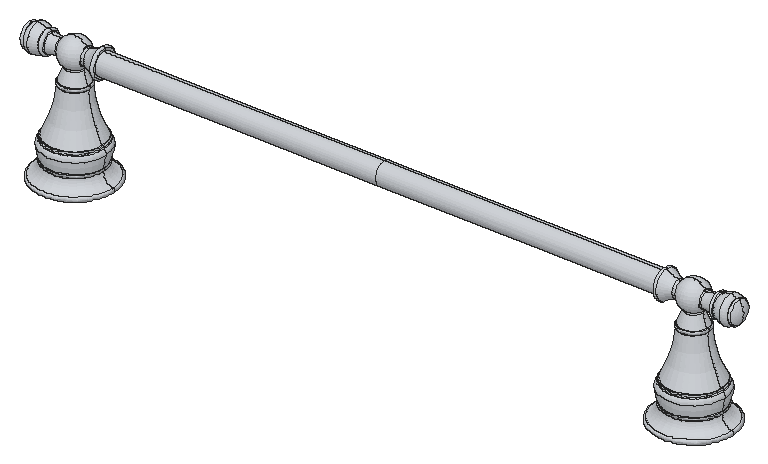
Revit family "Accessory-Towel_Bar-KOHLER-REVIVAL-K-16148T_1", category Specialty Equipment, host Face, Revit 2017
Family settings
  Host = Face
  Round Connector Dimension = Use Diameter
  Part Type = Normal
  OmniClass Number = 23.31.25.25
  Cut with Voids When Loaded = No
  Shared = No
  Room Calculation Point = No
Parameters (values of type "CP-Polished Chrome")
  Width = 17 61/64"  # constant formula
  WaterSense Certified = 1 = 0  # no
  URL = "http://www.kohler.com.cn/"
  Type = 1
  Product Page URL = "https://www.kohler.com.cn/product/K-16148T-CP/K-16148T-CP/"
  Product Name = "REVIVAL"  # constant formula
  Product Documentation Link = "https://files.kohler.com.cn/pdfs/inst_revival.pdf"
  Model = if(Type = 1, "K-16148T-CP", if(Type = 2, "K-16148-AF", "NA"))  # "K-16148T-CP"
  Material = "Premium Metal Construction"  # constant formula
  Master Format 2014 Name = "Toilet, Bath, and Laundry Accessories"  # constant formula
  Master Format 2014 = "10 28 00"  # constant formula
  Manufacturer Address = "Kohler Beijing Office (100016) 36-2-03-B, No. 88, Liuxiang Road, Beijing"  # constant formula
  Manufacturer = "KOHLER Co."  # constant formula
  Length = 3 179/256"  # constant formula
  Height = 2 73/256"  # constant formula
  Finish = Kohler-Metal-CP-Polished_Chrome
  Environmental Product Declaration = ""
  Description = "18 inch towel bar"  # constant formula
  Default Elevation = 42"
  Declare Label = ""
  Date Modified = "09/16/2020"  # constant formula
  Date Created = "09/16/2020"  # constant formula
  Copyright = "Copyright KOHLER Co."  # constant formula
  Contact Us = "http://www.kohler.com.cn/contact/contact-us/"
  Assembly Code = "C1030200"
  ADA Compliant = 1 = 0  # no
Types (3): name | Type | Product Page URL | Model | Finish
  (no name) | 1 | "https://www.kohler.com.cn/product/K-16148T-CP/K-16148T-CP/" | "K-16148T-CP" | Kohler-Metal-CP-Polished_Chrome
  CP-Polished Chrome | 1 | "https://www.kohler.com.cn/product/K-16148T-CP/K-16148T-CP/" | "K-16148T-CP" | Kohler-Metal-CP-Polished_Chrome
  AF-Vibrant French Gold | 2 | "https://www.kohler.com.cn/product/K-16148T-CP/K-16148T-AF/" | "K-16148-AF" | Kohler-Metal-AF-Vibrant_French_Gold
Reference planes (in)
  plane 1 "Center (Front/Back)": y = 0
  plane 2: z = 0
  plane 3 "Center (Left/Right)": x = 0
  plane 4: x = -10.41339
  plane 5: x = 10.41339
  plane 6: z = 3.69922
  plane 7: x = -10.11811
  plane 8: x = -7.83295
  plane 9: x = 10.11811
  plane 10: x = 7.83465
  plane 11: x = -8.97638
  plane 12: x = 8.97675
  plane 13: z = 3.27953
  plane 14: y = 1.14173
  plane 15: y = -1.14342
  plane 16: y = 0.31333
  plane 17: y = -0.31333
  plane 18: z = 0.11533
  plane 19: z = 3.59208
  plane 20: z = 2.96697
Dimensions and locks (in)
  "Width": plane 11 to plane 12
  "Length": level to plane 6
  "Height": plane 15 to plane 14
  level to plane 13 = 3.27953"
  plane 10 to plane 9 = 2.28346"
  plane 8 to plane 7 = 2 73/256"
  plane 4 to plane 5 = 20.82677"
  aligned and locked: plane 2 to host face
  aligned and locked: level to host face
Automatic sketch dimensions
  host sketch curve to host sketch curve = 96"  (x2)
Nested families (in)
  nested 1: "K-16148T" at (0, 0, 0), type "K-16148T"
Definition of nested family "K-16148T"
  Parameters (values of type "K-16148T")
    Material = none
  Reference planes (in)
    plane 1 "Center (Front/Back)": y = 0
    plane 2: z = 0
    plane 3 "Center (Left/Right)": x = 0
    plane 4: x = -8.97638
    plane 5: x = 8.97638
    plane 6: x = -10.41339
    plane 7: x = -10.11811
    plane 8: x = 10.41339
    plane 9: x = -7.83465
    plane 10: x = 10.11811
    plane 11: x = 7.83465
    plane 12: z = 3.70079
    plane 13: z = 3.27953
    plane 14: y = 1.14173
    plane 15: y = -1.14173
  Forms (in)
    Revolve 1, solid, material <- "Material", detail levels medium+fine
      sketch origin (0, 0, 0) x (1, 0, 0) y (0, 0, 1)
        loop
          line (-8.97638, 0) -> (-7.8949, 0)
          arc (-7.8949, 0) -> (-7.83546, 0.0504) -> (-7.87859, 0.11531) r 0.05863
          arc (-7.87859, 0.11531) -> (-8.07367, 0.24153) -> (-8.15603, 0.45879) r 0.37258
          arc (-8.15603, 0.45879) -> (-8.15242, 0.47376) -> (-8.14137, 0.48449) r 0.02768
          arc (-8.14137, 0.48449) -> (-8.12605, 0.50842) -> (-8.13858, 0.53391) r 0.02894
          arc (-8.13858, 0.53391) -> (-8.14784, 0.54628) -> (-8.14765, 0.56172) r 0.02402
          arc (-8.14765, 0.56172) -> (-8.10102, 0.72808) -> (-8.0768, 0.89915) r 1.30357
          arc (-8.0768, 0.89915) -> (-8.08982, 0.98163) -> (-8.13823, 1.04967) r 0.18243
          arc (-8.13823, 1.04967) -> (-8.14603, 1.06322) -> (-8.14396, 1.07871) r 0.0243
          arc (-8.14396, 1.07871) -> (-8.14279, 1.10122) -> (-8.1584, 1.1175) r 0.02839
          arc (-8.1584, 1.1175) -> (-8.17167, 1.1259) -> (-8.18146, 1.13818) r 0.04736
          arc (-8.18146, 1.13818) -> (-8.4462, 1.77227) -> (-8.5648, 2.4491) r 3.10102
          arc (-8.5648, 2.4491) -> (-8.56154, 2.46439) -> (-8.55083, 2.47577) r 0.02903
          arc (-8.55083, 2.47577) -> (-8.53729, 2.50699) -> (-8.56237, 2.52999) r 0.02933
          arc (-8.56237, 2.52999) -> (-8.57705, 2.53566) -> (-8.58734, 2.54757) r 0.03243
          arc (-8.58734, 2.54757) -> (-8.66344, 2.71963) -> (-8.72174, 2.8985) r 1.85672
          arc (-8.72174, 2.8985) -> (-8.72115, 2.93147) -> (-8.70301, 2.95901) r 0.0592
          arc (-8.70301, 2.95901) -> (-8.58111, 3.4252) -> (-8.97638, 3.70079) r 0.42126
          line (-8.97638, 3.70079) -> (-8.97638, 0)
        axis (-8.97638, 0) -> (-8.97638, 3.70079)
      angle from 0 to 360
    Revolve 2, solid, material <- "Material", detail levels medium+fine
      sketch origin (0, 0, 0) x (-1, 0, 0) y (0, 0, 1)
        loop
          line (-8.97638, 0) -> (-7.8949, 0)
          arc (-7.8949, 0) -> (-7.83546, 0.0504) -> (-7.87859, 0.11531) r 0.05863
          arc (-7.87859, 0.11531) -> (-8.07367, 0.24153) -> (-8.15603, 0.45879) r 0.37258
          arc (-8.15603, 0.45879) -> (-8.15242, 0.47376) -> (-8.14137, 0.48449) r 0.02768
          arc (-8.14137, 0.48449) -> (-8.12605, 0.50842) -> (-8.13858, 0.53391) r 0.02894
          arc (-8.13858, 0.53391) -> (-8.14784, 0.54628) -> (-8.14765, 0.56172) r 0.02402
          arc (-8.14765, 0.56172) -> (-8.10102, 0.72808) -> (-8.0768, 0.89915) r 1.30357
          arc (-8.0768, 0.89915) -> (-8.08982, 0.98163) -> (-8.13823, 1.04967) r 0.18243
          arc (-8.13823, 1.04967) -> (-8.14603, 1.06322) -> (-8.14396, 1.07871) r 0.0243
          arc (-8.14396, 1.07871) -> (-8.14279, 1.10122) -> (-8.1584, 1.1175) r 0.02839
          arc (-8.1584, 1.1175) -> (-8.17167, 1.1259) -> (-8.18146, 1.13818) r 0.04736
          arc (-8.18146, 1.13818) -> (-8.4462, 1.77227) -> (-8.5648, 2.4491) r 3.10102
          arc (-8.5648, 2.4491) -> (-8.56154, 2.46439) -> (-8.55083, 2.47577) r 0.02903
          arc (-8.55083, 2.47577) -> (-8.53729, 2.50699) -> (-8.56237, 2.52999) r 0.02933
          arc (-8.56237, 2.52999) -> (-8.57705, 2.53566) -> (-8.58734, 2.54757) r 0.03243
          arc (-8.58734, 2.54757) -> (-8.66344, 2.71963) -> (-8.72174, 2.8985) r 1.85672
          arc (-8.72174, 2.8985) -> (-8.72115, 2.93147) -> (-8.70301, 2.95901) r 0.0592
          arc (-8.70301, 2.95901) -> (-8.58111, 3.4252) -> (-8.97638, 3.70079) r 0.42126
          line (-8.97638, 3.70079) -> (-8.97638, 0)
        axis (-8.97638, 0) -> (-8.97638, 3.70079)
      angle from 0 to 360
    Revolve 3, void
      sketch origin (0, 0, 0) x (1, 0, 0) y (0, 0, 1)
        loop
          line (-8.78638, 3.519) -> (-8.78638, 3.46494) -> (-9.16384, 3.46494) -> (-9.16384, 3.519) -> (-9.28534, 3.519)
          arc (-9.28534, 3.519) -> (-9.30493, 3.52567) -> (-9.31638, 3.54291) r 0.0321
          line (-9.31638, 3.54291) -> (-9.31638, 3.62781) -> (-9.53545, 3.62781) -> (-9.53545, 3.27953) -> (-8.97638, 3.27953) -> (-8.41731, 3.27953) -> (-8.41731, 3.65818) -> (-8.63638, 3.65818) -> (-8.63638, 3.54291)
          arc (-8.63638, 3.54291) -> (-8.64782, 3.52567) -> (-8.66741, 3.519) r 0.0321
          line (-8.66741, 3.519) -> (-8.78638, 3.519)
        axis (-8.41731, 3.27953) -> (-9.53545, 3.27953)
      angle from 0 to 360
    Revolve 4, void
      sketch origin (0, 0, 0) x (-1, 0, 0) y (0, 0, 1)
        loop
          line (-8.78638, 3.519) -> (-8.78638, 3.46494) -> (-9.16384, 3.46494) -> (-9.16384, 3.519) -> (-9.28534, 3.519)
          arc (-9.28534, 3.519) -> (-9.30493, 3.52567) -> (-9.31638, 3.54291) r 0.0321
          line (-9.31638, 3.54291) -> (-9.31638, 3.62781) -> (-9.53545, 3.62781) -> (-9.53545, 3.27953) -> (-8.97638, 3.27953) -> (-8.41731, 3.27953) -> (-8.41731, 3.65818) -> (-8.63638, 3.65818) -> (-8.63638, 3.54291)
          arc (-8.63638, 3.54291) -> (-8.64782, 3.52567) -> (-8.66741, 3.519) r 0.0321
          line (-8.66741, 3.519) -> (-8.78638, 3.519)
        axis (-8.41731, 3.27953) -> (-9.53545, 3.27953)
      angle from 0 to 360
    Revolve 5, solid, material <- "Material", detail levels medium+fine
      sketch origin (0, 0, 0) x (1, 0, 0) y (0, 0, 1)
        loop
          arc (-10.29911, 3.60324) -> (-10.38398, 3.45117) -> (-10.41339, 3.27953) r 0.51562
          line (-10.41339, 3.27953) -> (10.41339, 3.27953)
          arc (10.41339, 3.27953) -> (10.3837, 3.45194) -> (10.29808, 3.60451) r 0.51562
          arc (10.29808, 3.60451) -> (10.26317, 3.6205) -> (10.22927, 3.60246) r 0.04331
          arc (10.22927, 3.60246) -> (10.21232, 3.59428) -> (10.19624, 3.60407) r 0.01969
          arc (10.19624, 3.60407) -> (10.13164, 3.66448) -> (10.04437, 3.67887) r 0.15252
          arc (10.04437, 3.67887) -> (9.915, 3.65031) -> (9.79247, 3.59989) r 0.76625
          arc (9.79247, 3.59989) -> (9.77681, 3.59746) -> (9.76285, 3.60496) r 0.02494
          arc (9.76285, 3.60496) -> (9.70681, 3.61685) -> (9.67613, 3.56848) r 0.05019
          arc (9.67613, 3.56848) -> (9.67165, 3.55342) -> (9.65886, 3.54429) r 0.02418
          arc (9.65886, 3.54429) -> (9.51385, 3.51234) -> (9.36583, 3.50163) r 1.02771
          line (9.36583, 3.50163) -> (9.18709, 3.50163)
          arc (9.18709, 3.50163) -> (9.16858, 3.48765) -> (9.16384, 3.46494) r 0.033
          line (9.16384, 3.46494) -> (8.78638, 3.46494)
          arc (8.78638, 3.46494) -> (8.76841, 3.49141) -> (8.73809, 3.50163) r 0.05012
          line (8.73809, 3.50163) -> (8.63405, 3.50163)
          arc (8.63405, 3.50163) -> (8.58464, 3.50519) -> (8.53626, 3.51579) r 0.34463
          arc (8.53626, 3.51579) -> (8.36151, 3.58617) -> (8.20325, 3.68835) r 0.99115
          arc (8.20325, 3.68835) -> (8.15309, 3.69807) -> (8.11615, 3.66277) r 0.05564
          arc (8.11615, 3.66277) -> (8.11986, 3.62645) -> (8.14995, 3.60575) r 0.0435
          arc (8.14995, 3.60575) -> (8.1735, 3.60028) -> (8.19624, 3.59208) r 0.20568
          line (8.19624, 3.59208) -> (0, 3.59208) -> (-8.19624, 3.59208)
          arc (-8.19624, 3.59208) -> (-8.1735, 3.60028) -> (-8.14995, 3.60575) r 0.20568
          arc (-8.14995, 3.60575) -> (-8.11986, 3.62645) -> (-8.11615, 3.66277) r 0.0435
          arc (-8.11615, 3.66277) -> (-8.15309, 3.69807) -> (-8.20325, 3.68835) r 0.05564
          arc (-8.20325, 3.68835) -> (-8.36151, 3.58617) -> (-8.53626, 3.51579) r 0.99115
          arc (-8.53626, 3.51579) -> (-8.58464, 3.50519) -> (-8.63405, 3.50163) r 0.34463
          line (-8.63405, 3.50163) -> (-8.73809, 3.50163)
          arc (-8.73809, 3.50163) -> (-8.76841, 3.49141) -> (-8.78638, 3.46494) r 0.05012
          line (-8.78638, 3.46494) -> (-9.16384, 3.46494)
          arc (-9.16384, 3.46494) -> (-9.16858, 3.48765) -> (-9.18709, 3.50163) r 0.033
          line (-9.18709, 3.50163) -> (-9.36583, 3.50163)
          arc (-9.36583, 3.50163) -> (-9.51393, 3.51235) -> (-9.65894, 3.54431) r 1.02771
          arc (-9.65894, 3.54431) -> (-9.67165, 3.55342) -> (-9.67613, 3.56848) r 0.02418
          arc (-9.67613, 3.56848) -> (-9.70681, 3.61685) -> (-9.76285, 3.60496) r 0.05019
          arc (-9.76285, 3.60496) -> (-9.77681, 3.59746) -> (-9.79247, 3.59989) r 0.02494
          arc (-9.79247, 3.59989) -> (-9.915, 3.65031) -> (-10.04437, 3.67887) r 0.76625
          arc (-10.04437, 3.67887) -> (-10.12973, 3.6654) -> (-10.19407, 3.6077) r 0.15252
          arc (-10.19407, 3.6077) -> (-10.21177, 3.59683) -> (-10.23103, 3.60462) r 0.02305
          arc (-10.23103, 3.60462) -> (-10.26539, 3.61978) -> (-10.29911, 3.60324) r 0.04447
        axis (-10.41339, 3.27953) -> (10.41339, 3.27953)
      angle from 0 to 360
    Revolve 6, solid, material <- "Material", detail levels coarse
      sketch origin (0, 0, 0) x (1, 0, 0) y (0, 0, 1)
        loop
          line (-8.97264, 0.00002) -> (-8.97264, 3.70079)
          arc (-8.97264, 3.70079) -> (-9.36791, 3.42521) -> (-9.24603, 2.95903) r 0.42126
          line (-9.24603, 2.95903) -> (-9.87503, 1.13567) -> (-9.87503, 0.11672) -> (-10.11653, 0.11672) -> (-10.11653, 0.00002) -> (-8.97264, 0.00002)
        axis (-8.97264, 0.00002) -> (-8.97264, 3.70079)
      angle from 0 to 360
    Revolve 7, solid, material <- "Material", detail levels coarse
      sketch origin (0, 0, 0) x (1, 0, 0) y (0, 0, 1)
        loop
          line (-10.41339, 3.27953) -> (10.41339, 3.27953) -> (10.41339, 3.59208) -> (0, 3.59208) -> (-10.41339, 3.59208) -> (-10.41339, 3.27953)
        axis (-10.41339, 3.27953) -> (10.41339, 3.27953)
      angle from 0 to 360
    Revolve 8, solid, material <- "Material", detail levels coarse
      sketch origin (0, 0, 0) x (-1, 0, 0) y (0, 0, 1)
        loop
          line (-8.97264, 0.00002) -> (-8.97264, 3.70079)
          arc (-8.97264, 3.70079) -> (-9.36791, 3.42521) -> (-9.24603, 2.95903) r 0.42126
          line (-9.24603, 2.95903) -> (-9.87503, 1.13567) -> (-9.87503, 0.11672) -> (-10.11653, 0.11672) -> (-10.11653, 0.00002) -> (-8.97264, 0.00002)
        axis (-8.97264, 0.00002) -> (-8.97264, 3.70079)
      angle from 0 to 360
  Cuts and joins
    Revolve 3, Revolve 4 cuts Revolve 1
    Revolve 4 cuts Revolve 2
    joined: Revolve 1, Revolve 2, Revolve 5
    joined: Revolve 6, Revolve 7, Revolve 8
  Lines and regions (in)
    Masking region 1
      outline origin (0, 0, 0) x (1, 0, 0) y (0, 0, 1)
        loop
          line (-8.97638, 0.00002) -> (-7.8949, 0.00002)
          arc (-7.8949, 0.00002) -> (-7.83546, 0.05042) -> (-7.87859, 0.11533) r 0.05863
          arc (-7.87859, 0.11533) -> (-8.07367, 0.24155) -> (-8.15603, 0.45881) r 0.37258
          arc (-8.15603, 0.45881) -> (-8.15242, 0.47378) -> (-8.14137, 0.48451) r 0.02768
          arc (-8.14137, 0.48451) -> (-8.12605, 0.50843) -> (-8.13858, 0.53393) r 0.02894
          arc (-8.13858, 0.53393) -> (-8.14784, 0.5463) -> (-8.14765, 0.56174) r 0.02402
          arc (-8.14765, 0.56174) -> (-8.10102, 0.7281) -> (-8.0768, 0.89916) r 1.30357
          arc (-8.0768, 0.89916) -> (-8.08982, 0.98165) -> (-8.13823, 1.04969) r 0.18243
          arc (-8.13823, 1.04969) -> (-8.14603, 1.06323) -> (-8.14396, 1.07872) r 0.0243
          arc (-8.14396, 1.07872) -> (-8.14279, 1.10124) -> (-8.1584, 1.11751) r 0.02839
          arc (-8.1584, 1.11751) -> (-8.17167, 1.12591) -> (-8.18146, 1.1382) r 0.04736
          arc (-8.18146, 1.1382) -> (-8.4462, 1.77229) -> (-8.5648, 2.44912) r 3.10102
          arc (-8.5648, 2.44912) -> (-8.56154, 2.4644) -> (-8.55083, 2.47579) r 0.02903
          arc (-8.55083, 2.47579) -> (-8.53729, 2.50701) -> (-8.56237, 2.53001) r 0.02933
          arc (-8.56237, 2.53001) -> (-8.57705, 2.53567) -> (-8.58734, 2.54759) r 0.03243
          arc (-8.58734, 2.54759) -> (-8.66344, 2.71964) -> (-8.72174, 2.89852) r 1.85672
          arc (-8.72174, 2.89852) -> (-8.72115, 2.93149) -> (-8.70301, 2.95903) r 0.0592
          arc (-8.70301, 2.95903) -> (-8.66992, 2.9905) -> (-8.64044, 3.02537) r 0.42126
          line (-8.64044, 3.02537) -> (-8.64044, 3.05737)
          arc (-8.64044, 3.05737) -> (-8.58781, 3.05431) -> (-8.53626, 3.04326) r 0.34463
          arc (-8.53626, 3.04326) -> (-8.36151, 2.97288) -> (-8.20325, 2.87071) r 0.99115
          arc (-8.20325, 2.87071) -> (-8.14382, 2.86464) -> (-8.11314, 2.9159) r 0.05564
          line (-8.11314, 2.9159) -> (-8.11314, 2.96697) -> (0, 2.96697) -> (8.11314, 2.96697) -> (8.11314, 2.9159)
          arc (8.11314, 2.9159) -> (8.14382, 2.86464) -> (8.20325, 2.87071) r 0.05564
          arc (8.20325, 2.87071) -> (8.36151, 2.97288) -> (8.53626, 3.04326) r 0.99115
          arc (8.53626, 3.04326) -> (8.58781, 3.05431) -> (8.64044, 3.05737) r 0.34463
          line (8.64044, 3.05737) -> (8.64044, 3.02537)
          arc (8.64044, 3.02537) -> (8.66992, 2.9905) -> (8.70301, 2.95903) r 0.42126
          arc (8.70301, 2.95903) -> (8.72115, 2.93149) -> (8.72174, 2.89852) r 0.0592
          arc (8.72174, 2.89852) -> (8.66344, 2.71964) -> (8.58734, 2.54759) r 1.85672
          arc (8.58734, 2.54759) -> (8.57705, 2.53567) -> (8.56237, 2.53001) r 0.03243
          arc (8.56237, 2.53001) -> (8.53729, 2.50701) -> (8.55083, 2.47579) r 0.02933
          arc (8.55083, 2.47579) -> (8.56154, 2.4644) -> (8.5648, 2.44912) r 0.02903
          arc (8.5648, 2.44912) -> (8.4462, 1.77229) -> (8.18146, 1.1382) r 3.10102
          arc (8.18146, 1.1382) -> (8.17167, 1.12591) -> (8.1584, 1.11751) r 0.04736
          arc (8.1584, 1.11751) -> (8.14279, 1.10124) -> (8.14396, 1.07872) r 0.02839
          arc (8.14396, 1.07872) -> (8.14603, 1.06323) -> (8.13823, 1.04969) r 0.0243
          arc (8.13823, 1.04969) -> (8.08982, 0.98165) -> (8.0768, 0.89916) r 0.18243
          arc (8.0768, 0.89916) -> (8.10102, 0.7281) -> (8.14765, 0.56174) r 1.30357
          arc (8.14765, 0.56174) -> (8.14784, 0.5463) -> (8.13858, 0.53393) r 0.02402
          arc (8.13858, 0.53393) -> (8.12605, 0.50843) -> (8.14137, 0.48451) r 0.02894
          arc (8.14137, 0.48451) -> (8.15242, 0.47378) -> (8.15603, 0.45881) r 0.02768
          arc (8.15603, 0.45881) -> (8.07367, 0.24155) -> (7.87859, 0.11533) r 0.37258
          arc (7.87859, 0.11533) -> (7.83546, 0.05042) -> (7.8949, 0.00002) r 0.05863
          line (7.8949, 0.00002) -> (8.97638, 0.00002) -> (10.05786, 0.00002)
          arc (10.05786, 0.00002) -> (10.1173, 0.05042) -> (10.07416, 0.11533) r 0.05863
          arc (10.07416, 0.11533) -> (9.87908, 0.24155) -> (9.79673, 0.45881) r 0.37258
          arc (9.79673, 0.45881) -> (9.80034, 0.47378) -> (9.81139, 0.48451) r 0.02768
          arc (9.81139, 0.48451) -> (9.8267, 0.50843) -> (9.81417, 0.53393) r 0.02894
          arc (9.81417, 0.53393) -> (9.80492, 0.5463) -> (9.80511, 0.56174) r 0.02402
          arc (9.80511, 0.56174) -> (9.85174, 0.7281) -> (9.87596, 0.89916) r 1.30357
          arc (9.87596, 0.89916) -> (9.86293, 0.98165) -> (9.81452, 1.04969) r 0.18243
          arc (9.81452, 1.04969) -> (9.80673, 1.06323) -> (9.8088, 1.07872) r 0.0243
          arc (9.8088, 1.07872) -> (9.80997, 1.10124) -> (9.79436, 1.11751) r 0.02839
          arc (9.79436, 1.11751) -> (9.78109, 1.12591) -> (9.7713, 1.1382) r 0.04736
          arc (9.7713, 1.1382) -> (9.50655, 1.77229) -> (9.38795, 2.44912) r 3.10102
          arc (9.38795, 2.44912) -> (9.39121, 2.4644) -> (9.40193, 2.47579) r 0.02903
          arc (9.40193, 2.47579) -> (9.41547, 2.50701) -> (9.39039, 2.53001) r 0.02933
          arc (9.39039, 2.53001) -> (9.37571, 2.53567) -> (9.36542, 2.54759) r 0.03243
          arc (9.36542, 2.54759) -> (9.28932, 2.71964) -> (9.23102, 2.89852) r 1.85672
          arc (9.23102, 2.89852) -> (9.23161, 2.93149) -> (9.24975, 2.95903) r 0.0592
          arc (9.24975, 2.95903) -> (9.28283, 2.9905) -> (9.31232, 3.02537) r 0.42126
          line (9.31232, 3.02537) -> (9.31232, 3.05743) -> (9.36583, 3.05743)
          arc (9.36583, 3.05743) -> (9.51393, 3.0467) -> (9.65894, 3.01474) r 1.02771
          arc (9.65894, 3.01474) -> (9.67165, 3.00564) -> (9.67613, 2.99057) r 0.02418
          arc (9.67613, 2.99057) -> (9.70681, 2.9422) -> (9.76285, 2.95409) r 0.05019
          arc (9.76285, 2.95409) -> (9.77681, 2.9616) -> (9.79247, 2.95917) r 0.02494
          arc (9.79247, 2.95917) -> (9.915, 2.90875) -> (10.04437, 2.88019) r 0.76625
          arc (10.04437, 2.88019) -> (10.12973, 2.89366) -> (10.19407, 2.95135) r 0.15252
          arc (10.19407, 2.95135) -> (10.21177, 2.96222) -> (10.23103, 2.95444) r 0.02305
          arc (10.23103, 2.95444) -> (10.26539, 2.93927) -> (10.29911, 2.95582) r 0.04447
          arc (10.29911, 2.95582) -> (10.38398, 3.10788) -> (10.41339, 3.27953) r 0.51562
          arc (10.41339, 3.27953) -> (10.38398, 3.45117) -> (10.29911, 3.60324) r 0.51562
          arc (10.29911, 3.60324) -> (10.26539, 3.61978) -> (10.23103, 3.60462) r 0.04447
          arc (10.23103, 3.60462) -> (10.21177, 3.59683) -> (10.19407, 3.6077) r 0.02305
          arc (10.19407, 3.6077) -> (10.12973, 3.6654) -> (10.04437, 3.67887) r 0.15252
          arc (10.04437, 3.67887) -> (9.915, 3.65031) -> (9.79247, 3.59989) r 0.76625
          arc (9.79247, 3.59989) -> (9.77681, 3.59746) -> (9.76285, 3.60496) r 0.02494
          arc (9.76285, 3.60496) -> (9.70681, 3.61685) -> (9.67613, 3.56848) r 0.05019
          arc (9.67613, 3.56848) -> (9.67165, 3.55342) -> (9.65886, 3.54429) r 0.02418
          arc (9.65886, 3.54429) -> (9.51393, 3.51235) -> (9.36583, 3.50163) r 1.02771
          line (9.36583, 3.50163) -> (9.31232, 3.50163) -> (9.31232, 3.53372)
          arc (9.31232, 3.53372) -> (9.16398, 3.65673) -> (8.97638, 3.7008) r 0.42126
          arc (8.97638, 3.7008) -> (8.78878, 3.65673) -> (8.64044, 3.53372) r 0.42126
          line (8.64044, 3.53372) -> (8.64044, 3.50169)
          arc (8.64044, 3.50169) -> (8.58781, 3.50474) -> (8.53626, 3.51579) r 0.34463
          arc (8.53626, 3.51579) -> (8.36151, 3.58617) -> (8.20325, 3.68835) r 0.99115
          arc (8.20325, 3.68835) -> (8.14382, 3.69441) -> (8.11314, 3.64315) r 0.05564
          line (8.11314, 3.64315) -> (8.11314, 3.59208) -> (0, 3.59208) -> (-8.11314, 3.59208) -> (-8.11314, 3.64315)
          arc (-8.11314, 3.64315) -> (-8.14382, 3.69441) -> (-8.20325, 3.68835) r 0.05564
          arc (-8.20325, 3.68835) -> (-8.36151, 3.58617) -> (-8.53626, 3.51579) r 0.99115
          arc (-8.53626, 3.51579) -> (-8.58781, 3.50474) -> (-8.64044, 3.50169) r 0.34463
          line (-8.64044, 3.50169) -> (-8.64044, 3.53372)
          arc (-8.64044, 3.53372) -> (-8.78878, 3.65673) -> (-8.97638, 3.7008) r 0.42126
          arc (-8.97638, 3.7008) -> (-9.16398, 3.65673) -> (-9.31232, 3.53372) r 0.42126
          line (-9.31232, 3.53372) -> (-9.31232, 3.50163) -> (-9.36583, 3.50163)
          arc (-9.36583, 3.50163) -> (-9.51393, 3.51235) -> (-9.65894, 3.54431) r 1.02771
          arc (-9.65894, 3.54431) -> (-9.67165, 3.55342) -> (-9.67613, 3.56848) r 0.02418
          arc (-9.67613, 3.56848) -> (-9.70681, 3.61685) -> (-9.76285, 3.60496) r 0.05019
          arc (-9.76285, 3.60496) -> (-9.77681, 3.59746) -> (-9.79247, 3.59989) r 0.02494
          arc (-9.79247, 3.59989) -> (-9.915, 3.65031) -> (-10.04437, 3.67887) r 0.76625
          arc (-10.04437, 3.67887) -> (-10.12973, 3.6654) -> (-10.19407, 3.6077) r 0.15252
          arc (-10.19407, 3.6077) -> (-10.21177, 3.59683) -> (-10.23103, 3.60462) r 0.02305
          arc (-10.23103, 3.60462) -> (-10.26539, 3.61978) -> (-10.29911, 3.60324) r 0.04447
          arc (-10.29911, 3.60324) -> (-10.38398, 3.45117) -> (-10.41339, 3.27953) r 0.51562
          arc (-10.41339, 3.27953) -> (-10.38398, 3.10788) -> (-10.29911, 2.95582) r 0.51562
          arc (-10.29911, 2.95582) -> (-10.26539, 2.93927) -> (-10.23103, 2.95444) r 0.04447
          arc (-10.23103, 2.95444) -> (-10.21177, 2.96222) -> (-10.19407, 2.95135) r 0.02305
          arc (-10.19407, 2.95135) -> (-10.12973, 2.89366) -> (-10.04437, 2.88019) r 0.15252
          arc (-10.04437, 2.88019) -> (-9.915, 2.90875) -> (-9.79247, 2.95917) r 0.76625
          arc (-9.79247, 2.95917) -> (-9.77681, 2.9616) -> (-9.76285, 2.95409) r 0.02494
          arc (-9.76285, 2.95409) -> (-9.70681, 2.9422) -> (-9.67613, 2.99057) r 0.05019
          arc (-9.67613, 2.99057) -> (-9.67165, 3.00564) -> (-9.65886, 3.01477) r 0.02418
          arc (-9.65886, 3.01477) -> (-9.51393, 3.0467) -> (-9.36583, 3.05743) r 1.02771
          line (-9.36583, 3.05743) -> (-9.31232, 3.05743) -> (-9.31232, 3.02537)
          arc (-9.31232, 3.02537) -> (-9.28283, 2.9905) -> (-9.24975, 2.95903) r 0.42126
          arc (-9.24975, 2.95903) -> (-9.23161, 2.93149) -> (-9.23102, 2.89852) r 0.0592
          arc (-9.23102, 2.89852) -> (-9.28932, 2.71964) -> (-9.36542, 2.54759) r 1.85672
          arc (-9.36542, 2.54759) -> (-9.37571, 2.53567) -> (-9.39039, 2.53001) r 0.03243
          arc (-9.39039, 2.53001) -> (-9.41547, 2.50701) -> (-9.40193, 2.47579) r 0.02933
          arc (-9.40193, 2.47579) -> (-9.39121, 2.4644) -> (-9.38795, 2.44912) r 0.02903
          arc (-9.38795, 2.44912) -> (-9.50655, 1.77229) -> (-9.7713, 1.1382) r 3.10102
          arc (-9.7713, 1.1382) -> (-9.78109, 1.12591) -> (-9.79436, 1.11751) r 0.04736
          arc (-9.79436, 1.11751) -> (-9.80997, 1.10124) -> (-9.8088, 1.07872) r 0.02839
          arc (-9.8088, 1.07872) -> (-9.80673, 1.06323) -> (-9.81452, 1.04969) r 0.0243
          arc (-9.81452, 1.04969) -> (-9.86293, 0.98165) -> (-9.87596, 0.89916) r 0.18243
          arc (-9.87596, 0.89916) -> (-9.85174, 0.7281) -> (-9.80511, 0.56174) r 1.30357
          arc (-9.80511, 0.56174) -> (-9.80492, 0.5463) -> (-9.81417, 0.53393) r 0.02402
          arc (-9.81417, 0.53393) -> (-9.8267, 0.50843) -> (-9.81139, 0.48451) r 0.02894
          arc (-9.81139, 0.48451) -> (-9.80034, 0.47378) -> (-9.79673, 0.45881) r 0.02768
          arc (-9.79673, 0.45881) -> (-9.87908, 0.24155) -> (-10.07416, 0.11533) r 0.37258
          arc (-10.07416, 0.11533) -> (-10.1173, 0.05042) -> (-10.05786, 0.00002) r 0.05863
          line (-10.05786, 0.00002) -> (-8.97638, 0.00002)
    Masking region 2
      outline origin (0, 0, 0) x (0, 1, 0) y (0, 0, 1)
        loop
          line (0, 0.00002) -> (1.08148, 0.00002)
          arc (1.08148, 0.00002) -> (1.14092, 0.05042) -> (1.09778, 0.11533) r 0.05863
          arc (1.09778, 0.11533) -> (0.90271, 0.24155) -> (0.82035, 0.45881) r 0.37258
          arc (0.82035, 0.45881) -> (0.82396, 0.47378) -> (0.83501, 0.48451) r 0.02768
          arc (0.83501, 0.48451) -> (0.85032, 0.50843) -> (0.83779, 0.53393) r 0.02894
          arc (0.83779, 0.53393) -> (0.82854, 0.5463) -> (0.82873, 0.56174) r 0.02402
          arc (0.82873, 0.56174) -> (0.87536, 0.7281) -> (0.89958, 0.89916) r 1.30357
          arc (0.89958, 0.89916) -> (0.88656, 0.98165) -> (0.83814, 1.04969) r 0.18243
          arc (0.83814, 1.04969) -> (0.83035, 1.06323) -> (0.83242, 1.07872) r 0.0243
          arc (0.83242, 1.07872) -> (0.83359, 1.10124) -> (0.81798, 1.11751) r 0.02839
          arc (0.81798, 1.11751) -> (0.80471, 1.12591) -> (0.79492, 1.1382) r 0.04736
          arc (0.79492, 1.1382) -> (0.53018, 1.77229) -> (0.41157, 2.44912) r 3.10102
          arc (0.41157, 2.44912) -> (0.41484, 2.4644) -> (0.42555, 2.47579) r 0.02903
          arc (0.42555, 2.47579) -> (0.43909, 2.50701) -> (0.41401, 2.53001) r 0.02933
          arc (0.41401, 2.53001) -> (0.39933, 2.53567) -> (0.38904, 2.54759) r 0.03243
          arc (0.38904, 2.54759) -> (0.31294, 2.71964) -> (0.25464, 2.89852) r 1.85672
          arc (0.25464, 2.89852) -> (0.25523, 2.93149) -> (0.27337, 2.95903) r 0.0592
          arc (0.27337, 2.95903) -> (0.39527, 3.42521) -> (0, 3.7008) r 0.42126
          arc (0, 3.7008) -> (-0.39527, 3.42521) -> (-0.27337, 2.95903) r 0.42126
          arc (-0.27337, 2.95903) -> (-0.25523, 2.93149) -> (-0.25464, 2.89852) r 0.0592
          arc (-0.25464, 2.89852) -> (-0.31294, 2.71964) -> (-0.38904, 2.54759) r 1.85672
          arc (-0.38904, 2.54759) -> (-0.39933, 2.53567) -> (-0.41401, 2.53001) r 0.03243
          arc (-0.41401, 2.53001) -> (-0.43909, 2.50701) -> (-0.42555, 2.47579) r 0.02933
          arc (-0.42555, 2.47579) -> (-0.41484, 2.4644) -> (-0.41157, 2.44912) r 0.02903
          arc (-0.41157, 2.44912) -> (-0.53018, 1.77229) -> (-0.79492, 1.1382) r 3.10102
          arc (-0.79492, 1.1382) -> (-0.80471, 1.12591) -> (-0.81798, 1.11751) r 0.04736
          arc (-0.81798, 1.11751) -> (-0.83359, 1.10124) -> (-0.83242, 1.07872) r 0.02839
          arc (-0.83242, 1.07872) -> (-0.83035, 1.06323) -> (-0.83814, 1.04969) r 0.0243
          arc (-0.83814, 1.04969) -> (-0.88656, 0.98165) -> (-0.89958, 0.89916) r 0.18243
          arc (-0.89958, 0.89916) -> (-0.87536, 0.7281) -> (-0.82873, 0.56174) r 1.30357
          arc (-0.82873, 0.56174) -> (-0.82854, 0.5463) -> (-0.83779, 0.53393) r 0.02402
          arc (-0.83779, 0.53393) -> (-0.85032, 0.50843) -> (-0.83501, 0.48451) r 0.02894
          arc (-0.83501, 0.48451) -> (-0.82396, 0.47378) -> (-0.82035, 0.45881) r 0.02768
          arc (-0.82035, 0.45881) -> (-0.90271, 0.24155) -> (-1.09778, 0.11533) r 0.37258
          arc (-1.09778, 0.11533) -> (-1.14092, 0.05042) -> (-1.08148, 0.00002) r 0.05863
          line (-1.08148, 0.00002) -> (0, 0.00002)
    Masking region 3
      outline origin (0, 0, 0) x (1, 0, 0) y (0, 1, 0)
        loop
          arc (-10.29808, 0.32498) -> (-10.3837, 0.17242) -> (-10.41339, 0) r 0.51562
          arc (-10.41339, 0) -> (-10.3837, -0.17242) -> (-10.29808, -0.32498) r 0.51562
          arc (-10.29808, -0.32498) -> (-10.26317, -0.34097) -> (-10.22927, -0.32293) r 0.04331
          arc (-10.22927, -0.32293) -> (-10.21232, -0.31475) -> (-10.19624, -0.32455) r 0.01969
          arc (-10.19624, -0.32455) -> (-10.13234, -0.3846) -> (-10.04592, -0.39954) r 0.15252
          arc (-10.04592, -0.39954) -> (-8.9306, -1.14081) -> (-7.87826, -0.31255) r 1.14173
          line (-7.87826, -0.31255) -> (0, -0.31255) -> (7.87826, -0.31255)
          arc (7.87826, -0.31255) -> (8.9306, -1.14081) -> (10.04592, -0.39954) r 1.14173
          arc (10.04592, -0.39954) -> (10.13234, -0.3846) -> (10.19624, -0.32455) r 0.15252
          arc (10.19624, -0.32455) -> (10.21232, -0.31475) -> (10.22927, -0.32293) r 0.01969
          arc (10.22927, -0.32293) -> (10.26317, -0.34097) -> (10.29808, -0.32498) r 0.04331
          arc (10.29808, -0.32498) -> (10.3837, -0.17242) -> (10.41339, 0) r 0.51562
          arc (10.41339, 0) -> (10.3837, 0.17242) -> (10.29808, 0.32498) r 0.51562
          arc (10.29808, 0.32498) -> (10.26317, 0.34097) -> (10.22927, 0.32293) r 0.04331
          arc (10.22927, 0.32293) -> (10.21232, 0.31475) -> (10.19624, 0.32455) r 0.01969
          arc (10.19624, 0.32455) -> (10.13234, 0.3846) -> (10.04592, 0.39954) r 0.15252
          arc (10.04592, 0.39954) -> (8.9306, 1.14081) -> (7.87826, 0.31255) r 1.14173
          line (7.87826, 0.31255) -> (0, 0.31255) -> (-7.87826, 0.31255)
          arc (-7.87826, 0.31255) -> (-8.9306, 1.14081) -> (-10.04592, 0.39954) r 1.14173
          arc (-10.04592, 0.39954) -> (-10.13234, 0.3846) -> (-10.19624, 0.32455) r 0.15252
          arc (-10.19624, 0.32455) -> (-10.21232, 0.31475) -> (-10.22927, 0.32293) r 0.01969
          arc (-10.22927, 0.32293) -> (-10.26317, 0.34097) -> (-10.29808, 0.32498) r 0.04331
    symbolic lines, detail levels medium+fine
      curve 1: line (-10.29911, 0, 3.60324) -> (-10.29911, 0, 2.95582)
      curve 2: line (-10.23103, 0, 3.60462) -> (-10.23103, 0, 2.95444)
      curve 3: line (-10.19407, 0, 3.6077) -> (-10.19407, 0, 2.95135)
      curve 4: line (-10.04437, 0, 3.67887) -> (-10.04437, 0, 2.88019)
      curve 5: line (-9.79247, 0, 3.59989) -> (-9.79247, 0, 2.95917)
      curve 6: line (-9.76285, 0, 3.60496) -> (-9.76285, 0, 2.95409)
      curve 7: line (-9.67613, 0, 3.56848) -> (-9.67613, 0, 2.99057)
      curve 8: line (-9.65894, 0, 3.54431) -> (-9.65894, 0, 3.01474)
      curve 9: line (-9.31232, 0, 3.50163) -> (-9.31232, 0, 3.05743)
      curve 10: line (-8.64044, 0, 3.50169) -> (-8.64044, 0, 3.05737)
      curve 11: line (-8.11314, 0, 3.59208) -> (-8.11314, 0, 2.96697)
      curve 12: line (-8.20325, 0, 3.68835) -> (-8.20325, 0, 2.87071)
      curve 13: line (-8.58781, 0, 3.50474) -> (-8.58781, 0, 3.05431)
      curve 14: line (-9.36583, 0, 3.50163) -> (-9.36583, 0, 3.05743)
      curve 15: line (-8.70301, 0, 2.95903) -> (-9.24975, 0, 2.95903)
      curve 16: line (-9.23102, 0, 2.89852) -> (-8.72174, 0, 2.89852)
      curve 17: line (-9.39039, 0, 2.53001) -> (-8.56237, 0, 2.53001)
      curve 18: line (-9.36542, 0, 2.54759) -> (-8.58734, 0, 2.54759)
      curve 19: line (-9.40193, 0, 2.47579) -> (-8.55083, 0, 2.47579)
      curve 20: line (-9.38795, 0, 2.44912) -> (-8.5648, 0, 2.44912)
      curve 21: line (-9.7713, 0, 1.1382) -> (-8.18146, 0, 1.1382)
      curve 22: line (-9.79436, 0, 1.11751) -> (-8.1584, 0, 1.11751)
      curve 23: line (-9.8088, 0, 1.07872) -> (-8.14396, 0, 1.07872)
      curve 24: line (-9.81452, 0, 1.04969) -> (-8.13823, 0, 1.04969)
      curve 25: line (-9.80511, 0, 0.56174) -> (-8.14765, 0, 0.56174)
      curve 26: line (-9.81417, 0, 0.53393) -> (-8.13858, 0, 0.53393)
      curve 27: line (-9.81139, 0, 0.48451) -> (-8.14137, 0, 0.48451)
      curve 28: line (-9.79673, 0, 0.45881) -> (-8.15603, 0, 0.45881)
      curve 29: line (-10.07416, 0, 0.11533) -> (-7.87859, 0, 0.11533)
      curve 30: line (10.29911, 0, 3.60324) -> (10.29911, 0, 2.95582)
      curve 31: line (10.23103, 0, 3.60462) -> (10.23103, 0, 2.95444)
      curve 32: line (10.19407, 0, 3.6077) -> (10.19407, 0, 2.95135)
      curve 33: line (10.04437, 0, 3.67887) -> (10.04437, 0, 2.88019)
      curve 34: line (9.79247, 0, 3.59989) -> (9.79247, 0, 2.95917)
      curve 35: line (9.76285, 0, 3.60496) -> (9.76285, 0, 2.95409)
      curve 36: line (9.67613, 0, 3.56848) -> (9.67613, 0, 2.99057)
      curve 37: line (9.65894, 0, 3.54431) -> (9.65894, 0, 3.01474)
      curve 38: line (9.31232, 0, 3.50163) -> (9.31232, 0, 3.05743)
      curve 39: line (8.64044, 0, 3.50169) -> (8.64044, 0, 3.05737)
      curve 40: line (8.11314, 0, 3.59208) -> (8.11314, 0, 2.96697)
      curve 41: line (8.20325, 0, 3.68835) -> (8.20325, 0, 2.87071)
      curve 42: line (8.58781, 0, 3.50474) -> (8.58781, 0, 3.05431)
      curve 43: line (9.36583, 0, 3.50163) -> (9.36583, 0, 3.05743)
      curve 44: line (8.70301, 0, 2.95903) -> (9.24975, 0, 2.95903)
      curve 45: line (9.23102, 0, 2.89852) -> (8.72174, 0, 2.89852)
      curve 46: line (9.39039, 0, 2.53001) -> (8.56237, 0, 2.53001)
      curve 47: line (9.36542, 0, 2.54759) -> (8.58734, 0, 2.54759)
      curve 48: line (9.40193, 0, 2.47579) -> (8.55083, 0, 2.47579)
      curve 49: line (9.38795, 0, 2.44912) -> (8.5648, 0, 2.44912)
      curve 50: line (9.7713, 0, 1.1382) -> (8.18146, 0, 1.1382)
      curve 51: line (9.79436, 0, 1.11751) -> (8.1584, 0, 1.11751)
      curve 52: line (9.8088, 0, 1.07872) -> (8.14396, 0, 1.07872)
      curve 53: line (9.81452, 0, 1.04969) -> (8.13823, 0, 1.04969)
      curve 54: line (9.80511, 0, 0.56174) -> (8.14765, 0, 0.56174)
      curve 55: line (9.81417, 0, 0.53393) -> (8.13858, 0, 0.53393)
      curve 56: line (9.81139, 0, 0.48451) -> (8.14137, 0, 0.48451)
      curve 57: line (9.79673, 0, 0.45881) -> (8.15603, 0, 0.45881)
      curve 58: line (10.07416, 0, 0.11533) -> (7.87859, 0, 0.11533)
      curve 59: line (0, 1.09778, 0.11533) -> (0, -1.09778, 0.11533)
      curve 60: line (0, 0.82035, 0.45881) -> (0, -0.82035, 0.45881)
      curve 61: line (0, 0.83501, 0.48451) -> (0, -0.83501, 0.48451)
      curve 62: line (0, 0.83779, 0.53393) -> (0, -0.83779, 0.53393)
      curve 63: line (0, 0.82873, 0.56174) -> (0, -0.82873, 0.56174)
      curve 64: line (0, 0.83814, 1.04969) -> (0, -0.83814, 1.04969)
      curve 65: line (0, 0.89958, 0.89916) -> (0, -0.89958, 0.89916)
      curve 66: line (0, 0.83242, 1.07872) -> (0, -0.83242, 1.07872)
      curve 67: line (0, 0.81798, 1.11751) -> (0, -0.81798, 1.11751)
      curve 68: line (0, 0.79492, 1.1382) -> (0, -0.79492, 1.1382)
      curve 69: line (0, 0.41157, 2.44912) -> (0, -0.41157, 2.44912)
      curve 70: line (0, 0.42555, 2.47579) -> (0, -0.42555, 2.47579)
      curve 71: line (0, 0.41401, 2.53001) -> (0, -0.41401, 2.53001)
      curve 72: line (0, 0.38904, 2.54759) -> (0, -0.38904, 2.54759)
      curve 73: line (0, 0.25464, 2.89852) -> (0, 0.11926, 2.89852)
      curve 74: line (0, 0.27337, 2.95903) -> (0, 0.23806, 2.95903)
      curve 75: circle (0, 0, 3.27953) r 0.34063 normal (1, 0, 0)
      curve 76: circle (0, 0, 3.27953) r 0.1955 normal (1, 0, 0)
      curve 77: circle (0, 0, 3.27953) r 0.31255 normal (1, 0, 0)
      curve 78: line (0, -0.23806, 2.95903) -> (0, -0.27337, 2.95903)
      curve 79: line (0, -0.11926, 2.89852) -> (0, -0.25464, 2.89852)
      curve 80: circle (0, 0, 3.27953) r 0.39924 normal (1, 0, 0)
      curve 81: arc (-10.04592, 0.39954, 0) -> (-9.91385, 0.37217, 0) -> (-9.78911, 0.32087, 0) r 0.72639
      curve 82: arc (-9.76273, 0.32542, 0) -> (-9.70581, 0.33748, 0) -> (-9.67547, 0.28784, 0) r 0.05038
      curve 83: line (-9.31232, 0.25417, 0) -> (-9.31232, 0, 0)
      curve 84: arc (-9.31232, 0.25417, 0) -> (-8.97638, 0.42169, 0) -> (-8.64044, 0.25417, 0) r 0.4206
      curve 85: arc (-8.20429, 0.40793, 0) -> (-8.14651, 0.41466, 0) -> (-8.11453, 0.36607, 0) r 0.05543
      curve 86: line (-8.11453, 0.36607, 0) -> (-8.11453, 0.31333, 0)
      curve 87: line (-8.11453, 0.31333, 0) -> (-7.87848, 0.31333, 0)
      curve 88: line (-8.64044, 0.25417, 0) -> (-8.64044, 0, 0)
      curve 89: arc (-8.64044, 0.21833, 0) -> (-8.41005, 0.2848, 0) -> (-8.20429, 0.40793, 0) r 0.93068
      curve 90: arc (-9.67547, 0.28784, 0) -> (-9.67079, 0.27215, 0) -> (-9.65698, 0.26334, 0) r 0.02344
      curve 91: arc (-9.31232, 0.22242, 0) -> (-9.48649, 0.22765, 0) -> (-9.65698, 0.26364, 0) r 0.98001
      curve 92: arc (-9.78911, 0.32087, 0) -> (-9.77515, 0.31867, 0) -> (-9.76273, 0.32542, 0) r 0.02201
      curve 93: arc (-10.04592, -0.39954, 0) -> (-9.91375, -0.37214, 0) -> (-9.78893, -0.32077, 0) r 0.72639
      curve 94: arc (-9.76283, -0.32531, 0) -> (-9.70662, -0.33783, 0) -> (-9.67539, -0.28946, 0) r 0.05038
      curve 95: line (-9.31232, -0.25417, 0) -> (-9.31232, 0, 0)
      curve 96: arc (-9.31232, -0.25417, 0) -> (-8.97638, -0.42169, 0) -> (-8.64044, -0.25417, 0) r 0.4206
      curve 97: arc (-8.20429, -0.40793, 0) -> (-8.14651, -0.41466, 0) -> (-8.11453, -0.36607, 0) r 0.05543
      curve 98: line (-8.11453, -0.36607, 0) -> (-8.11453, -0.31333, 0)
      curve 99: line (-8.11453, -0.31333, 0) -> (-7.87848, -0.31333, 0)
      curve 100: line (-8.64044, -0.25417, 0) -> (-8.64044, 0, 0)
      curve 101: arc (-8.64044, -0.21833, 0) -> (-8.41005, -0.2848, 0) -> (-8.20429, -0.40793, 0) r 0.93068
      curve 102: arc (-9.31232, -0.22242, 0) -> (-9.48649, -0.22765, 0) -> (-9.65698, -0.26364, 0) r 0.98001
      curve 103: arc (-9.78893, -0.32077, 0) -> (-9.77511, -0.3186, 0) -> (-9.76283, -0.32531, 0) r 0.02173
      curve 104: arc (-9.67539, -0.28946, 0) -> (-9.67057, -0.27343, 0) -> (-9.65698, -0.26364, 0) r 0.02604
      curve 105: line (-10.29808, 0.32498, 0) -> (-10.29808, -0.32498, 0)
      curve 106: line (-10.22927, 0.32293, 0) -> (-10.22927, -0.32293, 0)
      curve 107: line (-10.19624, 0.32455, 0) -> (-10.19624, -0.32455, 0)
      curve 108: line (-10.04592, 0.39954, 0) -> (-10.04592, -0.39954, 0)
      curve 109: line (-9.78911, 0.32087, 0) -> (-9.78911, -0.32075, 0)
      curve 110: line (-9.76283, -0.32531, 0) -> (-9.76283, 0.3258, 0)
      curve 111: line (-9.67547, 0.28784, 0) -> (-9.67547, -0.29459, 0)
      curve 112: line (-9.65698, -0.26364, 0) -> (-9.65698, 0.26364, 0)
      curve 113: line (-9.34201, 0.22111, 0) -> (-9.34201, -0.22111, 0)
      curve 114: line (-8.60293, 0.22485, 0) -> (-8.60293, -0.22485, 0)
      curve 115: line (-8.11453, 0.31333, 0) -> (-8.11453, -0.31333, 0)
      curve 116: line (-8.20429, 0.40793, 0) -> (-8.20429, -0.40793, 0)
      curve 117: arc (-8.18017, 0.4189, 0) -> (-9.02392, 0.89842, 0) -> (-9.81235, 0.33254, 0) r 0.89968
      curve 118: arc (-8.22195, 0.39432, 0) -> (-9.01419, 0.85042, 0) -> (-9.76283, 0.3258, 0) r 0.85126
      curve 119: arc (-8.23474, 0.38488, 0) -> (-9.00151, 0.83518, 0) -> (-9.73982, 0.33958, 0) r 0.83556
      curve 120: arc (-9.98505, -0.3901, 0) -> (-8.93578, -1.08071, 0) -> (-7.94128, -0.31333, 0) r 1.08148
      curve 121: arc (-7.94128, 0.31333, 0) -> (-8.93578, 1.08071, 0) -> (-9.98505, 0.3901, 0) r 1.08148
      curve 122: arc (-8.59809, 0.22581, 0) -> (-8.97929, 0.44055, 0) -> (-9.35761, 0.22079, 0) r 0.44056
      curve 123: arc (-9.35761, -0.22079, 0) -> (-8.97929, -0.44055, 0) -> (-8.59809, -0.22581, 0) r 0.44056
      curve 124: arc (-9.73982, -0.33958, 0) -> (-9.00151, -0.83518, 0) -> (-8.23474, -0.38488, 0) r 0.83556
      curve 125: arc (-9.76283, -0.3258, 0) -> (-9.01419, -0.85042, 0) -> (-8.22195, -0.39432, 0) r 0.85126
      curve 126: arc (-9.81235, -0.33254, 0) -> (-9.02392, -0.89842, 0) -> (-8.18017, -0.4189, 0) r 0.89968
      curve 127: arc (10.04592, 0.39954, 0) -> (9.91442, 0.37235, 0) -> (9.79016, 0.32142, 0) r 0.72639
      curve 128: arc (9.76215, 0.32603, 0) -> (9.70542, 0.33732, 0) -> (9.67547, 0.28784, 0) r 0.05038
      curve 129: line (9.31232, 0.25417, 0) -> (9.31232, 0, 0)
      curve 130: arc (9.31232, 0.25417, 0) -> (8.97638, 0.42169, 0) -> (8.64044, 0.25417, 0) r 0.4206
      curve 131: arc (8.20429, 0.40793, 0) -> (8.14651, 0.41466, 0) -> (8.11453, 0.36607, 0) r 0.05543
      curve 132: line (8.11453, 0.36607, 0) -> (8.11453, 0.31333, 0)
      curve 133: line (8.11453, 0.31333, 0) -> (7.87848, 0.31333, 0)
      curve 134: line (8.64044, 0.25417, 0) -> (8.64044, 0, 0)
      curve 135: arc (8.64044, 0.21833, 0) -> (8.41005, 0.2848, 0) -> (8.20429, 0.40793, 0) r 0.93068
      curve 136: arc (9.67547, 0.28784, 0) -> (9.67079, 0.27215, 0) -> (9.65698, 0.26334, 0) r 0.02344
      curve 137: arc (9.31232, 0.22242, 0) -> (9.48649, 0.22765, 0) -> (9.65698, 0.26364, 0) r 0.98001
      curve 138: arc (10.04592, -0.39954, 0) -> (9.91469, -0.37243, 0) -> (9.79066, -0.32168, 0) r 0.72639
      curve 139: arc (9.76187, -0.32631, 0) -> (9.70598, -0.33756, 0) -> (9.67539, -0.28946, 0) r 0.05038
      curve 140: line (9.31232, -0.25417, 0) -> (9.31232, 0, 0)
      curve 141: arc (9.31232, -0.25417, 0) -> (8.97638, -0.42169, 0) -> (8.64044, -0.25417, 0) r 0.4206
      curve 142: arc (8.20429, -0.40793, 0) -> (8.14651, -0.41466, 0) -> (8.11453, -0.36607, 0) r 0.05543
      curve 143: line (8.11453, -0.36607, 0) -> (8.11453, -0.31333, 0)
      curve 144: line (8.11453, -0.31333, 0) -> (7.87848, -0.31333, 0)
      curve 145: line (8.64044, -0.25417, 0) -> (8.64044, 0, 0)
      curve 146: arc (8.64044, -0.21833, 0) -> (8.41005, -0.2848, 0) -> (8.20429, -0.40793, 0) r 0.93068
      curve 147: arc (9.31232, -0.22242, 0) -> (9.48649, -0.22765, 0) -> (9.65698, -0.26364, 0) r 0.98001
      curve 148: arc (9.67539, -0.28946, 0) -> (9.67057, -0.27343, 0) -> (9.65698, -0.26364, 0) r 0.02604
      curve 149: line (10.29808, 0.32498, 0) -> (10.29808, -0.32498, 0)
      curve 150: line (10.22927, 0.32293, 0) -> (10.22927, -0.32293, 0)
      curve 151: line (10.19624, 0.32455, 0) -> (10.19624, -0.32455, 0)
      curve 152: line (10.04592, 0.39954, 0) -> (10.04592, -0.39954, 0)
      curve 153: line (9.78911, 0.3209, 0) -> (9.78911, -0.32087, 0)
      curve 154: line (9.76283, -0.3258, 0) -> (9.76283, 0.3258, 0)
      curve 155: line (9.67547, 0.28784, 0) -> (9.67547, -0.29459, 0)
      curve 156: line (9.65698, -0.26364, 0) -> (9.65698, 0.26364, 0)
      curve 157: line (9.34201, 0.22111, 0) -> (9.34201, -0.22111, 0)
      curve 158: line (8.60293, 0.22485, 0) -> (8.60293, -0.22485, 0)
      curve 159: line (8.11453, 0.31333, 0) -> (8.11453, -0.31333, 0)
      curve 160: line (8.20429, 0.40793, 0) -> (8.20429, -0.40793, 0)
      curve 161: arc (8.18017, 0.4189, 0) -> (9.02392, 0.89842, 0) -> (9.81235, 0.33254, 0) r 0.89968
      curve 162: arc (8.22195, 0.39432, 0) -> (9.01419, 0.85042, 0) -> (9.76283, 0.3258, 0) r 0.85126
      curve 163: arc (8.23474, 0.38488, 0) -> (9.00151, 0.83518, 0) -> (9.73982, 0.33958, 0) r 0.83556
      curve 164: arc (9.98505, -0.3901, 0) -> (8.93578, -1.08071, 0) -> (7.94128, -0.31333, 0) r 1.08148
      curve 165: arc (7.94128, 0.31333, 0) -> (8.93578, 1.08071, 0) -> (9.98505, 0.3901, 0) r 1.08148
      curve 166: arc (8.59809, 0.22581, 0) -> (8.97929, 0.44055, 0) -> (9.35761, 0.22079, 0) r 0.44056
      curve 167: arc (9.35761, -0.22079, 0) -> (8.97929, -0.44055, 0) -> (8.59809, -0.22581, 0) r 0.44056
      curve 168: arc (9.73982, -0.33958, 0) -> (9.00151, -0.83518, 0) -> (8.23474, -0.38488, 0) r 0.83556
      curve 169: arc (9.76283, -0.3258, 0) -> (9.01419, -0.85042, 0) -> (8.22195, -0.39432, 0) r 0.85126
      curve 170: arc (9.81235, -0.33254, 0) -> (9.02392, -0.89842, 0) -> (8.18017, -0.4189, 0) r 0.89968
      curve 171: arc (9.79016, 0.32142, 0) -> (9.77539, 0.31905, 0) -> (9.76215, 0.32603, 0) r 0.02362
      curve 172: arc (9.79066, -0.32168, 0) -> (9.7755, -0.31922, 0) -> (9.76187, -0.32631, 0) r 0.0244
  Dimensions and locks (in)
    plane 5 to plane 4 = 17.95276"
    plane 8 to plane 6 = 20.82677"
    plane 9 to plane 7 = 2.28346"
    aligned and locked: plane 2 to level
